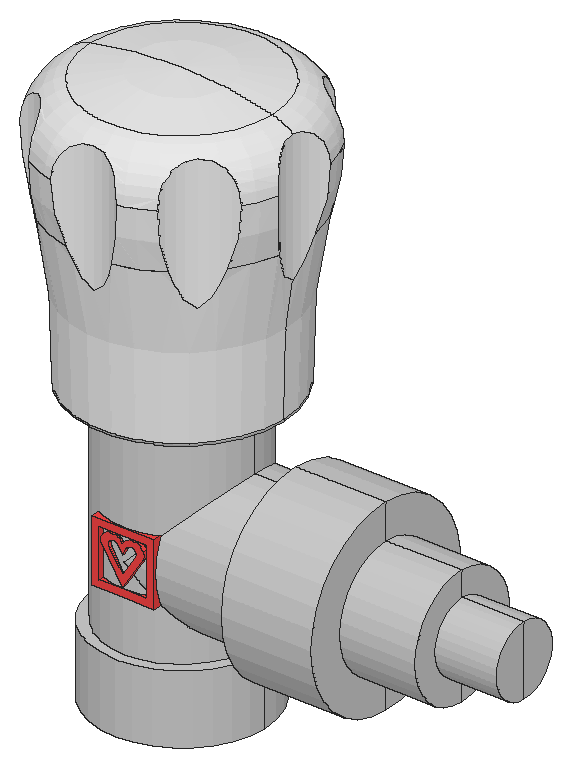
Revit family "GP Radiator Control Valve Angle Model 5524", category Rohrzubehör, Revit 2020
Family settings
  Bemaßung runder Anschluss = Durchmesser verwenden
  Teiletyp = Unterbricht
  OmniClass-Nummer = 23.65.55.14
  OmniClass-Titel = Valves for Liquid Services
  Arbeitsebenenbasiert = Nein
  Immer vertikal = Ja
  Beim Laden mit Abzugskörper schneiden = Nein
  Gemeinsam genutzt = Nein
Parameters
  Vorgabe-Ansicht = 0.000 mm
  URL = "www.herzvalves.com"
  SCRNSEQ = "ARM;ARM_TYP=\"ALLF\";2"
  SCRNCODE = "05;00;02"  # constant formula
  S04 = 45.000 mm  # constant formula
  S03 [instance] = H02 - 5.000 mm + 41.000 mm  # 60.000 mm
  S02 [instance] = L04 + L03 - L02  # 25.500 mm
  S01 = 10.000 mm  # constant formula
  Part number [instance] = size_lookup("5524_", "Artnr", 0, Nennweite)  # 1552420
  Nennweite [instance] = 10.000 mm
  Model = "These universal models are nickel-plated and equipped with special sockets for threaded pipe and compression union connections."
  Medium = "Hot water quality according to Austrian standard ÖNORM H 5195 and/or VDI guideline 2035."
  Max. operating temperature = 110 °C  # constant formula
  Max. operating pressure = 1000000.0 Pa  # constant formula
  LO1 [instance] = R01 - 0.500 mm  # 10.000 mm
  L04 [instance] = size_lookup("5524_", "L4", 1.000 mm, Nennweite)  # 20.000 mm
  L03 [instance] = size_lookup("5524_", "L3", 1.000 mm, Nennweite)  # 13.000 mm
  L02 [instance] = size_lookup("5524_", "L2", 1.000 mm, Nennweite)  # 7.500 mm
  L01 [instance] = size_lookup("5524_", "L1", 1.000 mm, Nennweite)  # 24.000 mm
  Hersteller = "HERZ Armaturen Ges.m.b.H."  # constant formula
  Hand wheel = "plastic, white"  # constant formula
  H03 [instance] = size_lookup("5524_", "H3", 1.000 mm, Nennweite)  # 10.000 mm
  H02 [instance] = size_lookup("5524_", "H2", 1.000 mm, Nennweite)  # 24.000 mm
  H01 [instance] = size_lookup("5524_", "H1", 1.000 mm, Nennweite)  # 22.000 mm
  GT1 [instance] = size_lookup("5524_", "GT1", 1.000 mm, Nennweite)  # 9.000 mm
  GT [instance] = size_lookup("5524_", "GT", 1.000 mm, Nennweite)  # 9.500 mm
  G2 [instance] = Nennweite / 2  # 5.000 mm
  G1 [instance] = Nennweite / 2  # 5.000 mm
  R01 = 10.500 mm  # constant formula
  D05 [instance] = size_lookup("5524_", "D5", 1.000 mm, Nennweite)  # 8.500 mm
  D04 [instance] = size_lookup("5524_", "D4", 1.000 mm, Nennweite)  # 13.500 mm
  D03 [instance] = R01  # 10.500 mm
  D02 [instance] = size_lookup("5524_", "D2", 1.000 mm, Nennweite)  # 7.940 mm
  D01 [instance] = size_lookup("5524_", "D1", 1.000 mm, Nennweite)  # 12.000 mm
  Body = "nickel-plated"  # constant formula
Reference planes
  plane 1 "Mitte (Vorne/hinten)": y = 0
  plane 2: z = 0
  plane 3 "Mitte (Links/rechts)": x = 0
Forms (mm)
  Revolve 1, solid, material "Messing, weicher Gelbton, geschweißt", detail levels fine
    sketch origin (0, 0, 0) x (1, 0, 0) y (0, 0, 1)
      loop
        line (0, 24) -> (-10.5, 24) -> (-10.5, -12) -> (-12, -12) -> (-12, -22) -> (-5, -22) -> (-5, -12.5) -> (0, -12.5) -> (0, 24)
      axis (0, 24) -> (0, -22)
    angle from 0 to 360
  Revolve 2, solid, material "Messing, weicher Gelbton, geschweißt", detail levels fine
    sketch origin (0, 0, 0) x (1, 0, 0) y (0, 0, 1)
      loop
        line (0, 0) -> (24, 0) -> (24, 7.94) -> (16.5, 7.94) -> (16.5, 10.5) -> (0, 10.5) -> (0, 0)
      axis (0, 0) -> (24, 0)
    angle from 0 to 360
  Revolve 3, solid, material "Messing, weicher Gelbton, geschweißt", detail levels fine
    sketch origin (-1, 0, 0) x (1, 0, 0) y (0, 0, 1)
      loop
        line (25, 0) -> (50.5, 0) -> (50.5, 5) -> (41.5, 5) -> (41.5, 8.5) -> (30.5, 8.5) -> (30.5, 13.5) -> (17.5, 13.5) -> (17.5, 7.94) -> (25, 7.94) -> (25, 0)
      axis (17.5, 0) -> (50.5, 0)
    angle from 0 to 360
Lines and regions (mm)
  model lines, detail levels coarse+medium
    curve 1: line (0, 0, 0) -> (12, 0, -22)
    curve 2: line (12, 0, -22) -> (-12, 0, -22)
    curve 3: line (-12, 0, -22) -> (0, 0, 0)
    curve 4: line (0, 0, 0) -> (24, 0, 13.5)
    curve 5: line (24, 0, 13.5) -> (24, 0, -13.5)
    curve 6: line (24, 0, -13.5) -> (0, 0, 0)
    curve 7: line (24, 0, 13.5) -> (34, 0, 13.5)
    curve 8: line (34, 0, 13.5) -> (24, 0, 0)
    curve 9: line (24, 0, -13.5) -> (34, 0, -13.5)
    curve 10: line (34, 0, -13.5) -> (24, 0, 0)
    curve 11: line (24, 0, 0) -> (49.5, 0, 0)
    curve 12: line (0, 0, 0) -> (0, 0, 60)
    curve 13: line (-22.5, 0, 60) -> (22.5, 0, 60)
    curve 14: line (0, 0, 0) -> (0, 60, 0)
    curve 15: line (-22.5, 60, 0) -> (22.5, 60, 0)
    curve 16: line (0, 0, 0) -> (12, -22, 0)
    curve 17: line (12, -22, 0) -> (-12, -22, 0)
    curve 18: line (-12, -22, 0) -> (0, 0, 0)
    curve 19: line (0, 0, 0) -> (24, 13.5, 0)
    curve 20: line (24, 13.5, 0) -> (24, -13.5, 0)
    curve 21: line (24, -13.5, 0) -> (0, 0, 0)
    curve 22: line (24, 13.5, 0) -> (34, 13.5, 0)
    curve 23: line (34, 13.5, 0) -> (24, 0, 0)
    curve 24: line (24, -13.5, 0) -> (34, -13.5, 0)
    curve 25: line (24, 0, 0) -> (34, -13.5, 0)
Dimensions and locks
  "H02": Revolve 1 sketch curve to plane 2
  "H01": plane 2 to Revolve 1 sketch curve
  "R01": Revolve 1 sketch curve to Revolve 1 sketch curve
  "G1": Revolve 1 sketch curve to Revolve 1 sketch curve
  "D01": Revolve 1 sketch curve to Revolve 1 sketch curve
  "GT": Revolve 1 sketch curve to Revolve 1 sketch curve
  "H03": Revolve 1 sketch curve to Revolve 1 sketch curve
  "D02": Revolve 2 sketch curve to Revolve 2 sketch curve
  "D03": Revolve 2 sketch curve to Revolve 2 sketch curve
  "L01": Revolve 2 sketch curve to Revolve 2 sketch curve
  "L02": Revolve 2 sketch curve to Revolve 2 sketch curve
  "H02": nested 1 to plane 2
  "LO1": nested 2 to plane 1 "Mitte (Vorne/hinten)"
  "L02": Revolve 3 sketch curve to Revolve 3 sketch curve
  "L03": Revolve 3 sketch curve to Revolve 3 sketch curve
  "L04": Revolve 3 sketch curve to Revolve 3 sketch curve
  "D04": Revolve 3 sketch curve to Revolve 3 sketch curve
  "G2": Revolve 3 sketch curve to Revolve 3 sketch curve
  "D05": Revolve 3 sketch curve to Revolve 3 sketch curve
  "GT1": Revolve 3 sketch curve to Revolve 3 sketch curve
  "L01": plane 3 "Mitte (Links/rechts)" to Revolve 3 sketch curve
  "D02": Revolve 3 sketch curve to plane 2
  "H01": plane 2 to curve 2
  "L01": curve 5 to plane 3 "Mitte (Links/rechts)"
  "D01": curve 2 to plane 3 "Mitte (Links/rechts)" to curve 3
  "D04": curve 5 to plane 2 to curve 6
  "S01": curve 5 to curve 8
  "S01": curve 5 to curve 10
  "S02": curve 11 to curve 11
  "S03": curve 12 to plane 2
  equal spacing: curve 13, curve 12, curve 13
  "S04": curve 13 to curve 13
  "S04": curve 15 to curve 15
  equal spacing: curve 15, curve 14, curve 15
  "S03": plane 1 "Mitte (Vorne/hinten)" to curve 14
  "H01": curve 17 to plane 1 "Mitte (Vorne/hinten)"
  "D01": curve 18 to plane 3 "Mitte (Links/rechts)" to curve 17
  "L01": plane 3 "Mitte (Links/rechts)" to curve 20
  "D04": curve 21 to plane 1 "Mitte (Vorne/hinten)" to curve 20
  "S01": curve 20 to curve 23
  "S01": curve 20 to curve 25
  aligned and locked: level to plane 2
Automatic sketch dimensions
  curve 12 to plane 3 "Mitte (Links/rechts)" = 0.000 mm
  curve 4 to level = 0.000 mm
  curve 10 to level = 0.000 mm
  curve 8 to level = 0.000 mm
  plane 1 "Mitte (Vorne/hinten)" to curve 16 = 0.000 mm
  curve 16 to plane 3 "Mitte (Links/rechts)" = 0.000 mm
  plane 1 "Mitte (Vorne/hinten)" to curve 23 = 0.000 mm
  Revolve 1 sketch curve to plane 3 "Mitte (Links/rechts)" = 0.000 mm  (x2)
  Revolve 1 sketch curve to Revolve 1 sketch curve = 345.545 mm
  Revolve 1 sketch curve to Revolve 1 sketch curve = 2189.815 mm
  Revolve 2 sketch curve to level = 0.000 mm  (x2)
  Revolve 2 sketch curve to plane 3 "Mitte (Links/rechts)" = 0.000 mm
  Revolve 2 sketch curve to plane 3 "Mitte (Links/rechts)" = 1506.530 mm
  Revolve 2 sketch curve to Revolve 2 sketch curve = 1815.148 mm
  Revolve 3 sketch curve to level = 0.000 mm  (x2)
  Revolve 3 sketch curve to plane 3 "Mitte (Links/rechts)" = 1507.530 mm
  Revolve 3 sketch curve to Revolve 3 sketch curve = 1789.648 mm
Nested families
  nested 1: "Handrad-Heizkörperventile" at (0, 0, 18.5), type "Handrad-Heizkörperventile", detail levels fine
  nested 2: "Herz-Logo-vorne" at (0, -10, 0) x (0, -1, 0) z (0, 0, 1), type "Herz-Logo-vorne", detail levels fine
Connectors
  piping at (0, 0, -12.5), diameter 10, driven by "Nennweite"
    settings: on Revolve 1, index 1, connector inside diameter 609.6 mm, connector length 0.000 mm, flow factor 0, pipe flow 0.0 L/s, pressure drop 0.0 Pa, fitting loss kfactor 0, connector angle 0.00°, fixture units 0, engagement length 0.000 mm, angle of deflection 0.00°, flow configuration 0, flow direction 1, fitting loss method 0, system type 7, joint type 0, gender type 0, connector reference index -1, connector utility 0, adjustable connector no, is connector primary yes, connector description ""
  piping at (49.5, 0, 0), diameter 10, driven by "Nennweite"
    settings: on Revolve 3, index 2, connector inside diameter 609.6 mm, connector length 0.000 mm, flow factor 0, pipe flow 0.0 L/s, pressure drop 0.0 Pa, fitting loss kfactor 0, connector angle 0.00°, fixture units 0, engagement length 0.000 mm, angle of deflection 0.00°, flow configuration 0, flow direction 2, fitting loss method 0, system type 7, joint type 0, gender type 0, connector reference index -1, connector utility 0, adjustable connector no, is connector primary no, connector description ""
Definition of nested family "Handrad-Heizkörperventile"
  Parameters (values of type "Handrad-Heizkörperventile")
    Default Elevation = 0.000 mm
    T01 = 5.500 mm  # constant formula
    R01 = 10.500 mm  # constant formula
  Reference planes
    plane 1 "Mitte (Vorne/hinten)": y = 0
    plane 2: z = 0
    plane 3 "Mitte (Links/rechts)": x = 0
  Forms (mm)
    Revolve 1, solid, detail levels fine
      sketch origin (0, 0, 0) x (1, 0, 0) y (0, 0, 1)
        loop
          line (10.5, 0) -> (14.25, 0)
          arc (14.25, 0) -> (14.604, 0.146) -> (14.75, 0.5) r 0.5
          arc (14.75, 0.5) -> (15.098, 12.356) -> (17.195, 24.03) r 80
          arc (17.195, 24.03) -> (18.172, 28.281) -> (18.5, 32.63) r 29
          arc (18.5, 32.63) -> (17.011, 36.946) -> (13.177, 39.426) r 7
          arc (13.177, 39.426) -> (6.637, 40.626) -> (0, 41.028) r 55
          line (0, 41.028) -> (0, 5.5) -> (10.5, 5.5) -> (10.5, 0)
        axis (0, 41.028) -> (0, 0)
      angle from 0 to 360
    Extrusion 2, void
      sketch origin (0, 0, 0) x (1, 0, 0) y (0, 1, 0)
        loop
          arc (-16.011, 9.268) -> (-11.314, 11.314) -> (-9.268, 16.011) r 7
          arc (-9.268, 16.011) -> (-13.081, 13.081) -> (-16.011, 9.268) r 18.5
        loop
          arc (16.011, 9.268) -> (13.081, 13.081) -> (9.268, 16.011) r 18.5
          arc (9.268, 16.011) -> (11.314, 11.314) -> (16.011, 9.268) r 7
        loop
          arc (-16.011, -9.268) -> (-13.081, -13.081) -> (-9.268, -16.011) r 18.5
          arc (-9.268, -16.011) -> (-11.314, -11.314) -> (-16.011, -9.268) r 7
        loop
          arc (16.011, -9.268) -> (11.314, -11.314) -> (9.268, -16.011) r 7
          arc (9.268, -16.011) -> (13.081, -13.081) -> (16.011, -9.268) r 18.5
        loop
          arc (17.953, 4.58) -> (16.078, -0.188) -> (17.953, -4.956) r 7
          arc (17.953, -4.956) -> (18.578, -0.188) -> (17.953, 4.58) r 18.5
        loop
          arc (-17.953, 4.58) -> (-18.578, -0.188) -> (-17.953, -4.956) r 18.5
          arc (-17.953, -4.956) -> (-16.078, -0.188) -> (-17.953, 4.58) r 7
        loop
          arc (-4.58, 17.953) -> (0.188, 16.078) -> (4.956, 17.953) r 7
          arc (4.956, 17.953) -> (0.188, 18.578) -> (-4.58, 17.953) r 18.5
        loop
          arc (-4.58, -17.953) -> (0.188, -18.578) -> (4.956, -17.953) r 18.5
          arc (4.956, -17.953) -> (0.188, -16.078) -> (-4.58, -17.953) r 7
      from 15.609 to 43.011
  Cuts and joins
    Extrusion 2 cuts Revolve 1
  Dimensions and locks
    "R01": Revolve 1 sketch curve to Revolve 1 sketch curve
    Revolve 1 sketch curve to plane 3 "Mitte (Links/rechts)" = 14.750 mm
    "T01": Revolve 1 sketch curve to Revolve 1 sketch curve
    aligned and locked: level to plane 2
  Automatic sketch dimensions
    Extrusion 2 sketch curve to Extrusion 2 sketch curve = 0.000 mm  (x14)
    plane 1 "Mitte (Vorne/hinten)" to Extrusion 2 sketch curve = 0.000 mm
    Extrusion 2 sketch curve to plane 3 "Mitte (Links/rechts)" = 0.000 mm
    Extrusion 2 sketch curve to plane 3 "Mitte (Links/rechts)" = 0.078 mm
    Extrusion 2 sketch curve to plane 3 "Mitte (Links/rechts)" = 16.263 mm  (x2)
    plane 1 "Mitte (Vorne/hinten)" to Extrusion 2 sketch curve = 0.188 mm  (x2)
    Extrusion 2 sketch curve to Extrusion 2 sketch curve = 6.815 mm  (x4)
    plane 3 "Mitte (Links/rechts)" to Extrusion 2 sketch curve = 0.078 mm
    plane 3 "Mitte (Links/rechts)" to Extrusion 2 sketch curve = 0.188 mm  (x2)
    plane 1 "Mitte (Vorne/hinten)" to Extrusion 2 sketch curve = 0.078 mm
    Extrusion 2 sketch curve to Extrusion 2 sketch curve = 0.110 mm  (x2)
    Extrusion 2 sketch curve to plane 1 "Mitte (Vorne/hinten)" = 0.078 mm
    plane 3 "Mitte (Links/rechts)" to Extrusion 2 sketch curve = 16.263 mm  (x2)
    plane 1 "Mitte (Vorne/hinten)" to Extrusion 2 sketch curve = 16.263 mm  (x2)
    Extrusion 2 sketch curve to plane 1 "Mitte (Vorne/hinten)" = 16.263 mm  (x2)
    Extrusion 2 sketch curve to plane 3 "Mitte (Links/rechts)" = 4.580 mm  (x2)
    Extrusion 2 sketch curve to Extrusion 2 sketch curve = 4.688 mm  (x2)
    Extrusion 2 sketch curve to Extrusion 2 sketch curve = 0.252 mm  (x4)
    Extrusion 2 sketch curve to Extrusion 2 sketch curve = 1.942 mm  (x4)
    Extrusion 2 sketch curve to Extrusion 2 sketch curve = 4.312 mm  (x4)
    Revolve 1 sketch curve to plane 3 "Mitte (Links/rechts)" = 0.000 mm  (x2)
    Revolve 1 sketch curve to level = 0.000 mm
    Revolve 1 sketch curve to plane 3 "Mitte (Links/rechts)" = 10.500 mm
    plane 3 "Mitte (Links/rechts)" to Revolve 1 sketch curve = 11.500 mm
    Revolve 1 sketch curve to Revolve 1 sketch curve = 0.500 mm
    level to Revolve 1 sketch curve = 4.086 mm
    Revolve 1 sketch curve to Revolve 1 sketch curve = 79.920 mm
    Revolve 1 sketch curve to level = 13.972 mm
    Revolve 1 sketch curve to Revolve 1 sketch curve = 27.130 mm
    Revolve 1 sketch curve to Revolve 1 sketch curve = 8.398 mm
    Revolve 1 sketch curve to Revolve 1 sketch curve = 0.000 mm
    Revolve 1 sketch curve to Revolve 1 sketch curve = 1.305 mm
    Revolve 1 sketch curve to Revolve 1 sketch curve = 352.073 mm
    Revolve 1 sketch curve to Revolve 1 sketch curve = 2173.287 mm
Definition of nested family "Herz-Logo-vorne"
  Parameters (values of type "Herz-Logo-vorne")
    Default Elevation = 0.000 mm
  Reference planes
    plane 1 "Mitte (Vorne/hinten)": y = 0
    plane 2: z = 0
    plane 3 "Mitte (Links/rechts)": x = 0
  Forms (mm)
    Extrusion 1, solid
      sketch origin (0.732, -0.018, 0.017) x (0, -1, 0) y (0, 0, 1)
        loop
          line (-0.018, -4.517) -> (4.482, -4.517) -> (4.482, 4.483) -> (-4.518, 4.483) -> (-4.518, -4.517) -> (-0.018, -4.517)
        loop
          line (-0.05, -3.48) -> (3.482, -3.48) -> (3.482, 3.483) -> (-3.518, 3.483) -> (-3.518, -3.48) -> (-0.05, -3.48)
        loop
          arc (-0.018, 2.383) -> (-1.543, 3.287) -> (-3.067, 2.383) r 1.738
          arc (-3.067, 2.383) -> (-3.191, 1.899) -> (-3.067, 1.415) r 1.009
          line (-3.067, 1.415) -> (-0.018, -3.281) -> (3.032, 1.415)
          arc (3.032, 1.415) -> (3.156, 1.899) -> (3.032, 2.383) r 1.009
          arc (3.032, 2.383) -> (1.507, 3.287) -> (-0.018, 2.383) r 1.738
        loop
          arc (1.885, 1.272) -> (2.005, 1.675) -> (1.885, 2.079) r 0.74
          arc (1.885, 2.079) -> (1.265, 2.416) -> (0.644, 2.079) r 0.74
          line (0.644, 2.079) -> (-0.018, 0.97) -> (-0.679, 2.079)
          arc (-0.679, 2.079) -> (-1.3, 2.416) -> (-1.921, 2.079) r 0.74
          arc (-1.921, 2.079) -> (-2.04, 1.675) -> (-1.921, 1.272) r 0.74
          line (-1.921, 1.272) -> (-0.018, -1.658) -> (1.885, 1.272)
      from 0 to 1.5
  Dimensions and locks
    aligned and locked: level to plane 2
